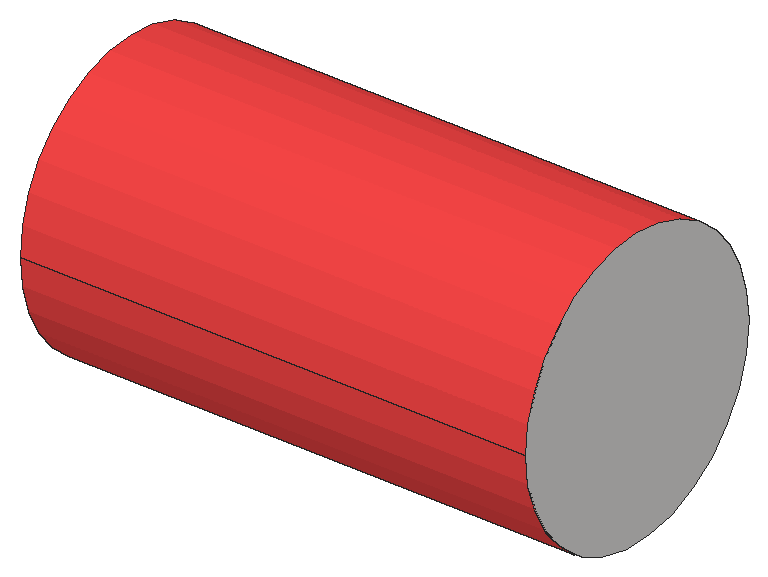
Revit family "Couplings-Heavy_Duty-Champion_Couplings-No_Hub-MI-XHUB_Series", category Pipe Fittings, Revit 2014
Parameters (values of type "MI-XHUB-150")
  Width B = 1.650"
  Width A = Pipe Inlet Connection Diameter * 1.1  # 1.650"
  Waste Connection = no
  Warranty Information = "1 Year Warranty"  # constant formula
  Vent Connection = no
  URL = "http://www.mifab.com"
  Tick Size = Width A * 0.4  # 0.660"
  Standard Listings & Approval = "CSA Approved, U.P.C. Approved"  # constant formula
  Revised Date = "\"2/17/2016\""
  Product Page URL = "http://www.mifab.com/Catalog/No_Hub_Couplings/MI-XHUB_-_Heavy_Duty_Shielded_No_Hub_Couplings/index.html"
  Product Documentation Link = "http://www.mifab.com/Catalog/Library/MI-XHUB-spec_sheet.pdf"
  Price = "Prices may vary. Please consult Manufacturer Representative for most up-to-date price list."  # constant formula
  Pipe Size Description = "1-1/2\""
  Pipe Outlet Connection Diameter = 1.500"
  Pipe Inlet Connection Diameter = 1.500"
  Pallet Quantity = "2280"
  Number of Clamps Per Coupling = "4"
  Nominal Height = Height  # 3.000"
  Nominal Diameter = Pipe Inlet Connection Diameter * 0.875  # 1.3125"
  Model = "MI-XHUB"
  Material = "Metal-Champion Couplings-Stainless Steel"  # constant formula
  Masking Reg 2 = no
  Masking Reg 1 = yes
  Manufacturer = "Champion Couplings"  # constant formula
  List Price (Each Piece) = 17.15
  Installation Torque (IN. - LBS) = "80 - 100"  # constant formula
  Height = 3.000"
  HW Connection = no
  Description = "MIFAB Series MI-XHUB (specify size) heavy duty no hub couplings are manufactured with gaskets made from an elastomeric compound that meets the requirements of ASTM C-564 housed inside a Type 304 stainless steel corrugated shield. Four (2” through 4” size), six (5” through 15” size) Type 304 stainless steel clamps tightened with 3/8” Type 305 stainless steel hex head screws surround the shield to provide the sealing force. The MI-XHUB are tested by I.A.P.M.O. to comply to the FM1680-1989 Standard (except for markings) and CSA B602-2010 Standard (up to 10”). They are tested and certified to the ASTM C1540-2011 Standard. Per OSHPD Code Application Notice 5-311.9 revised 6/29/2011, signed by Paul Coleman; Section I (a) states that: “the use of couplings that have been tested to conform to the performance requirements of FM Approvals, Approval Standard 1680, Class I, by FM Approvals or by a nationally recognized independent testing agency” are acceptable. The MI-XHUB are also tested and certified by Intertek Testing Services to CAN / ULC S102.2-10 “Smoke Test”."  # constant formula
  Creation Date = "\"2/17/2016\""
  Carton Quantity = "60"
  CW Connection = yes
  Assembly Code = "D2090800"
Types (14): name | Width B | Width A | Tick Size | Pipe Size Description | Pipe Outlet Connection Diameter | Pipe Inlet Connection Diameter | Pallet Quantity | Number of Clamps Per Coupling | Nominal Height | Nominal Diameter | List Price (Each Piece) | Height | Carton Quantity
  (no name) | 1.650" | 1.650" | 0.660" | "1-1/2\"" | 1.500" | 1.500" | "2280" | "4" | 3.000" | 1.3125" | 17.15 | 3.000" | "60"
  MI-XHUB-150 | 1.650" | 1.650" | 0.660" | "1-1/2\"" | 1.500" | 1.500" | "2280" | "4" | 3.000" | 1.3125" | 17.15 | 3.000" | "60"
  MI-XHUB-2 | 2.200" | 2.200" | 0.880" | "2\"" | 2.000" | 2.000" | "1728" | "4" | 3.000" | 1.750" | 18.3 | 3.000" | "72"
  MI-XHUB-3 | 3.300" | 3.300" | 1.320" | "3\"" | 3.000" | 3.000" | "960" | "4" | 3.000" | 2.625" | 21.1 | 3.000" | "24"
  MI-XHUB-32 | 2.665" | 3.35114" | 1.34046" | "3\" x 2\"" | 2.000" | 3.04649" | "960" | "4" | 3.000" | 2.66568" | 28.1 | 3.000" | "24"
  MI-XHUB-4 | 4.400" | 4.400" | 1.760" | "4\"" | 4.000" | 4.000" | "576" | "4" | 3.000" | 3.500" | 24.6 | 3.000" | "24"
  MI-XHUB-42 | 3.500" | 4.400" | 1.760" | "4\" x 2\"" | 2.000" | 4.000" | "576" | "4" | 3.000" | 3.500" | 38.9 | 3.000" | "24"
  MI-XHUB-43 | 3.500" | 4.400" | 1.760" | "4\" x 3\"" | 3.000" | 4.000" | "576" | "4" | 3.000" | 3.500" | 33.3 | 3.000" | "24"
  MI-XHUB-5 | 5.500" | 5.500" | 2.200" | "5\"" | 5.000" | 5.000" | "324" | "6" | 4.000" | 4.375" | 50.5 | 4.000" | "27"
  MI-XHUB-6 | 6.600" | 6.600" | 2.640" | "6\"" | 6.000" | 6.000" | "324" | "6" | 4.000" | 5.250" | 59.9 | 4.000" | "27"
  MI-XHUB-8 | 8.800" | 8.800" | 3.520" | "8\"" | 8.000" | 8.000" | "180" | "6" | 4.000" | 7.000" | 118.4 | 4.000" | "15"
  MI-XHUB-10 | 0.000" | 11.000" | 4.400" | "10\"" | 10.000" | 10.000" | "108" | "6" | 4.000" | 8.750" | 152.25 | 4.000" | "9"
  MI-XHUB-12 | 0.000" | 13.200" | 5.280" | "12\"" | 12.000" | 12.000" | "60" | "6" | 5.430" | 10.500" | 194.4 | 5.430" | "5"
  MI-XHUB-15 | 16.500" | 16.500" | 6.600" | "15\"" | 15.000" | 15.000" | "32" | "6" | 5.430" | 13.125" | 248.3 | 5.430" | "4"
Reference planes (in)
  plane 1 "Center (Front/Back)": y = 0
  plane 2: z = 0
  plane 3 "Center (Left/Right)": x = 0
  plane 4: x = -1.5
  plane 5: x = 1.5
  plane 6: x = 1.5
  plane 7: y = 0.825
  plane 8: y = -0.825
  plane 9: y = 0.65625
  plane 10: y = -0.65625
  plane 11: y = 0.825
  plane 12: y = 0.65625
  plane 13: y = -0.825
  plane 14: y = -0.65625
Forms (in)
  Extrusion 1, solid, material "Metal-Champion Couplings-Stainless Steel"
    sketch origin (0, 0, 0) x (0, 1, 0) y (0, 0, 1)
      loop
        circle (0, 0) r 0.825
    from -1.5 to 1.5
  Revolve 2, solid, material "Metal-Champion Couplings-Stainless Steel"
    sketch origin (0, 0, 0) x (1, 0, 0) y (0, 1, 0)
      loop
        line (0, 0.825) -> (0, 0) -> (1.5, 0) -> (1.5, 0.65625) -> (0.16875, 0.65625) -> (0, 0.825)
      axis (0, 0) -> (1.5, 0)
    angle from 0 to 360
Cuts and joins
  joined: Extrusion 1, Revolve 2
Lines and regions (in)
  Masking region 1, visible <- "Masking Reg 1", detail levels fine
    outline origin (0, 0, 0) x (1, 0, 0) y (0, 1, 0)
      loop
        line (-1.5, 0.825) -> (-1.5, -0.825) -> (1.5, -0.825) -> (1.5, 0.825) -> (-1.5, 0.825)
  Masking region 2, visible <- "Masking Reg 2", detail levels fine
    outline origin (0, 0, 0) x (1, 0, 0) y (0, 1, 0)
      loop
        line (-1.5, 0.825) -> (-1.5, -0.825) -> (0.0175, -0.825) -> (0.1825, -0.66) -> (1.5, -0.66) -> (1.5, 0.65625) -> (0.16875, 0.65625) -> (0, 0.825) -> (-1.5, 0.825)
  model lines, detail levels coarse+medium
    curve 1: line (-1.5, 0.66, 0) -> (-1.5, -0.66, 0)
    curve 2: line (1.5, 0.66, 0) -> (1.5, -0.66, 0)
    curve 3: line (1.5, 0, 0) -> (-1.5, 0, 0)
Dimensions and locks (in)
  "Height": plane 4 to plane 5
  equal spacing: plane 4, plane 3 "Center (Left/Right)", plane 5
  "Width A": Masking region 1 sketch curve to Masking region 1 sketch curve
  equal spacing: Masking region 1 sketch curve, plane 1 "Center (Front/Back)", Masking region 1 sketch curve
  "Tick Size": plane 1 "Center (Front/Back)" to curve 1
  "Tick Size": curve 1 to plane 1 "Center (Front/Back)"
  "Tick Size": plane 1 "Center (Front/Back)" to curve 2
  "Tick Size": curve 2 to plane 1 "Center (Front/Back)"
  "Nominal Height": plane 4 to plane 6
  "Width A": plane 8 to plane 7
  "Nominal Diameter": plane 9 to plane 10
  equal spacing: plane 8, plane 1 "Center (Front/Back)", plane 7
  equal spacing: plane 9, plane 1 "Center (Front/Back)", plane 10
  "Width A": plane 11 to plane 13
  "Nominal Diameter": plane 12 to plane 14
  equal spacing: plane 11, plane 1 "Center (Front/Back)", plane 13
  equal spacing: plane 12, plane 1 "Center (Front/Back)", plane 14
  "Width A": diameter of Extrusion 1 sketch curve
  locked: plane 3 "Center (Left/Right)" to Revolve 2 sketch curve (angle 45.00°)
  locked: plane 6 to Masking region 2 sketch curve (angle 45.00°)
  locked: Masking region 2 sketch curve to plane 6 (angle 45.00°)
  aligned and locked: Extrusion 1 to plane 4
  aligned and locked: Masking region 1 sketch curve to Extrusion 1  (x2)
  aligned and locked: curve 3 to plane 1 "Center (Front/Back)"
  aligned and locked: curve 1 to plane 4
  aligned and locked: plane 5 to curve 2
  aligned and locked: plane 6 to Extrusion 1
  aligned and locked: Revolve 2 sketch curve to plane 1 "Center (Front/Back)"
  aligned and locked: plane 5 to Revolve 2 sketch curve
  aligned and locked: plane 1 "Center (Front/Back)" to Revolve 2 sketch curve
  aligned and locked: plane 3 "Center (Left/Right)" to Revolve 2 sketch curve
  aligned and locked: plane 7 to Revolve 2 sketch curve
  aligned and locked: plane 11 to Masking region 2 sketch curve
  aligned and locked: plane 13 to Masking region 2 sketch curve
  aligned and locked: Masking region 2 sketch curve to curve 2
  aligned and locked: plane 12 to Masking region 2 sketch curve
  aligned and locked: Masking region 2 sketch curve to plane 4
  aligned and locked: Masking region 2 sketch curve to plane 5
  aligned and locked: Revolve 2 sketch curve to plane 9
Automatic sketch dimensions
  Extrusion 1 sketch curve to level = 0.000"
  Extrusion 1 sketch curve to plane 1 "Center (Front/Back)" = 0.000"
  Revolve 2 sketch curve to plane 4 = 0.250"
  Revolve 2 sketch curve to Revolve 2 sketch curve = 0.750"
  Masking region 2 sketch curve to plane 3 "Center (Left/Right)" = 0.000"
  plane 3 "Center (Left/Right)" to Masking region 2 sketch curve = 0.0175"
Connectors (in)
  piping at (-1.5, 0, 0), diameter 1.5, driven by "Pipe Inlet Connection Diameter"
    settings: on Extrusion 1, index 1, connector inside diameter 24", connector length 0.000", flow factor 0, pipe flow 0 GPM, pressure drop 0.00 psi, fitting loss kfactor 0, connector angle 0.00°, fixture units 0, engagement length 0.000", angle of deflection 0.00°, flow configuration 0, flow direction 0, fitting loss method 0, system type 28, joint type 0, gender type 0, connector reference index -1, connector utility 0, adjustable connector no, is connector primary yes, connector description ""
  piping at (1.5, 0, 0), diameter 1.5, driven by "Pipe Outlet Connection Diameter"
    settings: on Revolve 2, index 2, connector inside diameter 24", connector length 0.000", flow factor 0, pipe flow 0 GPM, pressure drop 0.00 psi, fitting loss kfactor 0, connector angle 0.00°, fixture units 0, engagement length 0.000", angle of deflection 0.00°, flow configuration 0, flow direction 0, fitting loss method 0, system type 28, joint type 0, gender type 0, connector reference index -1, connector utility 0, adjustable connector no, is connector primary no, connector description ""
